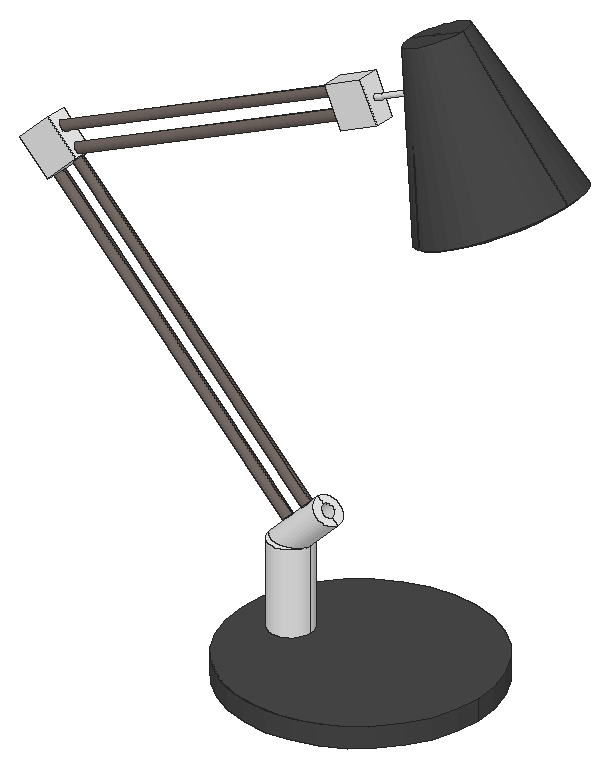
Revit family "Abajur de mesa 1", category Lighting Fixtures, Revit 2016
Family settings
  Part Type = Normal
  Round Connector Dimension = Use Diameter
  OmniClass Number = 23.80.70.11.11
  OmniClass Title = General Luminaries, Non Directional
  Work Plane-Based = No
  Always vertical = Yes
  Cut with Voids When Loaded = No
  Light Source = Yes
  Shared = No
  Room Calculation Point = No
Parameters (values of type "100W - 277V")
  Wattage = 100 W
  built-in parameter 1150110 = 1 (stored number, unit not read)
  built-in parameter 1114217 = 1 (stored number, unit not read)
  built-in parameter 1150109 = 1 (stored number, unit not read)
  built-in parameter 1150134 = 4
  built-in parameter 1150113 = 1 (stored number, unit not read)
  Tilt Angle = 60.00°
  built-in parameter 1010507 = 1.5708 (stored number, unit not read)
  built-in parameter 1010506 = 0.5236 (stored number, unit not read)
  built-in parameter 1150115 = 1 (stored number, unit not read)
  built-in parameter 1150105 = 33435.7 (stored number, unit not read)
  Lampada acesa = Lampada acesa
  Fio reto [instance] = yes
  Fio pra esquerda [instance] = yes
  Fio pra direita [instance] = yes
  Fio = Cone
  Cone = Cone
  Classificação de carga = Iluminação - Unidade de interrupção
  built-in parameter 1150131 = 3048 mm
  built-in parameter 1150137 = 1
  built-in parameter 1150139 = (empty or 0)
  built-in parameter 1150112 = 1 (stored number, unit not read)
  built-in parameter 1150114 = 1 (stored number, unit not read)
  built-in parameter 1150132 = (empty or 0)
  built-in parameter 1150102 = (empty or 0)
  built-in parameter 1150138 = (empty or 0)
  built-in parameter 1150107 = 2800 (stored number, unit not read)
  built-in parameter 1150106 = 334.36 (stored number, unit not read)
  built-in parameter 1150104 = 9.2903 (stored number, unit not read)
  Dimming Lamp Color Temperature Shift = <None>
  Color Filter = 16777215
  built-in parameter 1140040 [instance] = 1
  Voltagem do transformador = 277 V
  Transformador por número de postes = 1
  Braços = Braços
  Base = Cone
  built-in parameter 1114218 = 1 (stored number, unit not read)
  built-in parameter 1150133 = 10 (stored number, unit not read)
  Assembly Code = "D5020220"
  Lamp = "R-30"
  Light Source Symbol Length = 3048000 mm
  Wattage Comments = ""
  Articulações = Metal - Cromo
  Apparent Load = 100 VA
Reference planes
  plane 1 "Eixo de origem da luz": y = 0
  plane 2: z = 0
  plane 3: through (-31.75, 0, 31.75) normal (-0.7071, 0, 0.7071)
  plane 4: through (34.245, 0, 34.245) normal (0.7071, 0, 0.7071)
  plane 5: through (52.205, 0, 52.205) normal (0.7071, 0, 0.7071)
  plane 6: through (48.637, 0, 48.637) normal (0.7071, 0, 0.7071)
  plane 7: through (-56.016, 0, 300.317) normal (0.4226, 0, -0.9063)
  plane 8: through (-53.332, 0, 294.562) normal (0.4226, 0, -0.9063)
  plane 9: through (-49.307, 0, 285.929) normal (0.4226, 0, -0.9063)
  plane 10: through (-46.623, 0, 280.174) normal (0.4226, 0, -0.9063)
  plane 11: through (-303.881, 0, 170.808) normal (0.4226, 0, -0.9063)
  plane 12: through (267.978, 0, -106.548) normal (0.9063, 0, 0.4226)
  plane 13: through (360.059, 0, -63.61) normal (0.9063, 0, 0.4226)
  plane 14: through (296.753, 0, -93.13) normal (0.9063, 0, 0.4226)
  plane 15: through (331.283, 0, -77.028) normal (0.9063, 0, 0.4226)
  plane 16: through (-273.267, 0, 105.156) normal (0.4226, 0, -0.9063)
  plane 17 "Eixo de origem da luz": x = 228.6
  plane 18 "Elevação da origem da luz": z = 546.1
Forms (mm)
  Extrusion 1, solid, material "Cone" <- "Base"
    sketch origin (45, 0, 0) x (1, 0, 0) y (0, 1, 0)
      loop
        circle (0, 0) r 76.2
    from 0 to 12.7
  Revolve 2, solid, material "Metal - Cromo" <- "Articulações"
    sketch origin (0, 0, 0) x (1, 0, 0) y (0, 0, 1)
      loop
        line (-12.7, 12.7) -> (0, 12.7) -> (0, 63.5) -> (-12.7, 63.5) -> (-12.7, 12.7)
      axis (0, 63.5) -> (0, 12.7)
    angle from 0 to 360
  Revolve 3, solid, material "Metal - Cromo" <- "Articulações"
    sketch origin (0, 0, 0) x (1, 0, 0) y (0, 0, 1)
      loop
        line (-12.7, 63.5) -> (-5.965, 63.5) -> (20.976, 90.441) -> (17.608, 93.808) -> (-12.7, 63.5)
      axis (-6.35, 57.15) -> (23.958, 87.458)
    angle from 0 to 360
  Revolve 4, solid, material "Braços" <- "Braços"
    sketch origin (0, 0, 0) x (1, 0, 0) y (0, 0, 1)
      loop
        line (-4.218, 72.707) -> (-1.973, 74.952) -> (-149.861, 222.841) -> (-152.107, 220.596) -> (-4.218, 72.707)
      axis (-1.973, 74.952) -> (-149.861, 222.841)
    angle from 0 to 360
  Revolve 5, solid, material "Braços" <- "Braços"
    sketch origin (0, 0, 0) x (1, 0, 0) y (0, 0, 1)
      loop
        line (10.537, 86.737) -> (12.782, 88.982) -> (-135.469, 237.234) -> (-137.714, 234.988) -> (10.537, 86.737)
      axis (10.537, 86.737) -> (-137.714, 234.988)
    angle from 0 to 360
  Extrusion 6, solid, material "Metal - Cromo" <- "Articulações"
    sketch origin (157.44, 0, -157.44) x (1, 0, 0) y (0, 0, 1)
      loop
        line (-327.507, 395.996) -> (-309.546, 378.036) -> (-291.586, 395.996) -> (-309.546, 413.957) -> (-327.507, 395.996)
    from -6.35 to 6.35
  Revolve 7, solid, material "Braços" <- "Braços"
    sketch origin (157.44, 0, -157.44) x (1, 0, 0) y (0, 0, 1)
      loop
        line (-304.081, 408.491) -> (-128.123, 490.541) -> (-129.384, 493.245) -> (-306.326, 410.736) -> (-304.081, 408.491)
      axis (-305.065, 408.032) -> (-128.123, 490.541)
    angle from 0 to 360
  Revolve 8, solid, material "Braços" <- "Braços"
    sketch origin (157.44, 0, -157.44) x (1, 0, 0) y (0, 0, 1)
      loop
        line (-294.421, 395.479) -> (-121.414, 476.154) -> (-122.756, 479.031) -> (-295.763, 398.357) -> (-294.421, 395.479)
      axis (-295.763, 398.357) -> (-122.756, 479.031)
    angle from 0 to 360
  Extrusion 9, solid, material "Metal - Cromo" <- "Articulações"
    sketch origin (-95.51, 0, -276.045) x (1, 0, 0) y (0, 0, 1)
      loop
        line (145.184, 624.993) -> (122.393, 614.366) -> (133.128, 591.345) -> (155.919, 601.973) -> (145.184, 624.993)
    from -6.35 to 6.35
  Revolve 10, solid, material "Metal - Cromo"
    sketch origin (-95.51, 0, -276.045) x (1, 0, 0) y (0, 0, 1)
      loop
        line (150.269, 614.089) -> (184.799, 630.191) -> (184.128, 631.629) -> (149.598, 615.528) -> (150.269, 614.089)
      axis (184.799, 630.191) -> (150.269, 614.089)
    angle from 0 to 360
  Revolve 11, solid, material "Cone" <- "Cone"
    sketch origin (-100.51, 0, -263.545) x (1, 0, 0) y (0, 0, 1)
      loop
        line (193.615, 541.801) -> (196.433, 541.801) -> (181.085, 641.801) -> (194.467, 648.041) -> (193.2, 650.76) -> (177.981, 643.664) -> (193.615, 541.801)
      axis (194.779, 651.497) -> (237.091, 560.76)
    angle from 0 to 360
  Revolve 12, solid, material "Lampada acesa" <- "Lampada acesa"
    sketch origin (-95.51, -6.35, -276.045) x (1, 0, 0) y (0, 0, 1)
      loop
        line (202.831, 633.082) -> (220.954, 594.832)
        arc (220.954, 594.832) -> (227.502, 599.384) -> (232.219, 605.814) r 24.259
        arc (232.219, 605.814) -> (232.985, 611.452) -> (230.105, 616.359) r 8.706
        arc (230.105, 616.359) -> (220.223, 626.159) -> (211.894, 637.308) r 94.128
        line (211.894, 637.308) -> (202.831, 633.082)
      axis (202.831, 633.082) -> (220.719, 594.722)
    angle from 0 to 360
Lines and regions (mm)
  symbolic lines
    curve 1: arc (76.2, 0, 0) -> (0, 76.2, 0) -> (-76.2, 0, 0) r 76.2
    curve 2: arc (-76.2, 0, 0) -> (0, -76.2, 0) -> (76.2, 0, 0) r 76.2
    curve 3: arc (330.405, 0, 0) -> (254.205, 76.2, 0) -> (178.005, 0, 0) r 76.2
    curve 4: arc (178.005, 0, 0) -> (254.205, -76.2, 0) -> (330.405, 0, 0) r 76.2
    curve 5: arc (12.7, 0, 0) -> (0, 12.7, 0) -> (-12.7, 0, 0) r 12.7
    curve 6: arc (-12.7, 0, 0) -> (0, -12.7, 0) -> (12.7, 0, 0) r 12.7
    curve 7: line (-291.586, 0, 0) -> (178.005, 0, 0)
    curve 8: line (-327.507, 6.35, 0) -> (-291.586, 6.35, 0)
    curve 9: line (-327.507, 6.35, 0) -> (-327.507, -6.35, 0)
    curve 10: line (-327.507, -6.35, 0) -> (-291.586, -6.35, 0)
    curve 11: line (-291.586, 6.35, 0) -> (-291.586, -6.35, 0)
Dimensions and locks
  aligned and locked: plane 1 "Eixo de origem da luz" to imposter light
  aligned and locked: Revolve 4 to Revolve 5
  aligned and locked: Revolve 7 to Revolve 8
Connectors
  electrical at (55.041, 0, 337.438), driven by "Apparent Load", driven by "Voltagem do transformador", driven by "Transformador por número de postes", driven by "Classificação de carga"
    settings: on Extrusion 9, index 1, voltage 277 V, apparent load 0 VA, apparent load phase1 100 VA, apparent load phase2 0 VA, apparent load phase3 0 VA, power factor 0.95, load classification "Iluminação - Unidade de interrupção", number of poles 1, system type 31, power factor state 1, is connector primary yes, connector utility no, sub classification motor no, connector description ""
